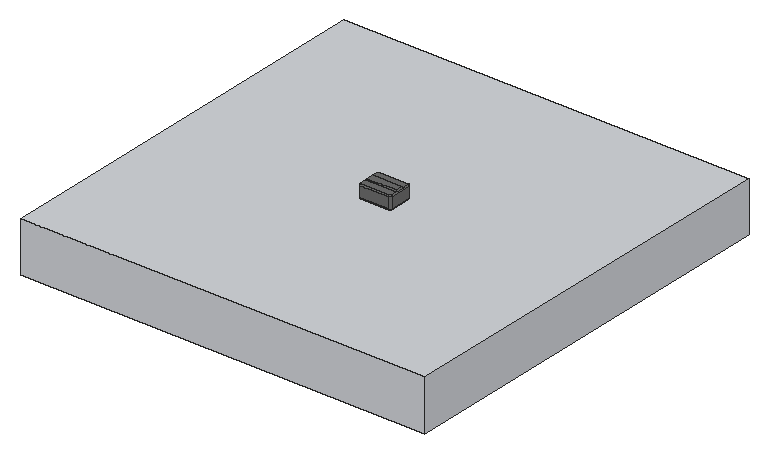
Revit family "Central digital para deteccion de gas_Aguilera Electronica", category Dispositivos de alarma de incendios, Revit 2019
Family settings
  Anfitrión = Cara
  Mantener orientación de anotación = Sí
  Cota de conector redondo = Diámetro de uso
  Tipo de pieza = Normal
  Número OmniClass = 23.85.30.21.11.17
  Título OmniClass = Other Components
  Corte con vacíos al cargar = No
  Compartido = No
  Punto de cálculo de habitación = No
Parameters (values of type "Central digital de 3 zonas para detección de gas con display")
  URL = "https://aguilera.es/?productos=central-digital-de-tres-zonas-para-deteccion-de-gas-con-display"
  Símbolo texto modelo = yes
  Símbolo = yes
  Modelo = "AE/GI-CTP25"
  Fondo = 86 mm  # constant formula
  Fabricante = "Aguilera Electrónica"  # constant formula
  Elevación por defecto = 1200 mm
  Descripción = "Central digital de gas para tres sensores 4-20mA catalíticos o pellistor de gas inflamable y/o monóxido de carbono como máximo. Montaje en pared. Dispone de display donde se muestra el porcentaje de la concentración del gas detectado en tiempo real para cada sensor.\r\nProvista de 3 relés de alarma configurables para distintas concentraciones del LEL para gases inflamables o ppm para CO y un relé de avería. Dispone de función de TEST y RESET. Entrada auxiliar para alarma manual o electroválvula con sensor magnético.\r\nAlimentación 230 Vca 10VA / 24Vcc 12W\r\nDimensiones: 202 x 153 x 86, IP65\r\nSensores admitidos:\r\nFamilia AE/GI-ST441 y AE/GI-ST193. Metano y/o GLP, rango de 0 ÷20% LEL\r\nFamilia AE/GI-TS282 y AE/GI-TS293 Catalítico gas inflamable, rango de 0 ÷20% LEL\r\nFamilia AE/GI-TS282 y AE/GI-TS293 Pellistor gas inflamable, rango de 0 ÷100% LEL\r\nDetectores AE/GI-TS282ECS y AE/GI-TS293ECS electroquímicos de CO, rango de 0 ÷300 ppm"
  Assembly Code = ""
  Type Comments = ""
  Ancho = 202 mm  # constant formula
  Alto = 153 mm  # constant formula
Types (2, lengths in mm): name | URL | Modelo | Descripción
  Central digital de 3 zonas para detección de gas con display | "https://aguilera.es/?productos=central-digital-de-tres-zonas-para-deteccion-de-gas-con-display" | "AE/GI-CTP25" | "Central digital de gas para tres sensores 4-20mA catalíticos o pellistor de gas inflamable y/o monóxido de carbono como máximo. Montaje en pared. Dispone de display donde se muestra el porcentaje de la concentración del gas detectado en tiempo real para cada sensor.\r\nProvista de 3 relés de alarma configurables para distintas concentraciones del LEL para gases inflamables o ppm para CO y un relé de avería. Dispone de función de TEST y RESET. Entrada auxiliar para alarma manual o electroválvula con sensor magnético.\r\nAlimentación 230 Vca 10VA / 24Vcc 12W\r\nDimensiones: 202 x 153 x 86, IP65\r\nSensores admitidos:\r\nFamilia AE/GI-ST441 y AE/GI-ST193. Metano y/o GLP, rango de 0 ÷20% LEL\r\nFamilia AE/GI-TS282 y AE/GI-TS293 Catalítico gas inflamable, rango de 0 ÷20% LEL\r\nFamilia AE/GI-TS282 y AE/GI-TS293 Pellistor gas inflamable, rango de 0 ÷100% LEL\r\nDetectores AE/GI-TS282ECS y AE/GI-TS293ECS electroquímicos de CO, rango de 0 ÷300 ppm"
  Central digital de 4 zonas para detección de gas con display | "https://aguilera.es/?productos=central-digital-de-cuatro-zonas-para-deteccion-de-gas-con-display" | "AE/GI-CTP24" | "Central digital de gas para cuatro sensores 4-20mA catalíticos o pellistor de gas inflamable como máximo. Montaje en pared. Dispone de display donde se muestra el porcentaje de la concentración del gas detectado en tiempo real para cada sensor.\r\nProvista de 2 relés de alarma configurables para 10-20% LEL y 20-30 % LEL respectivamente y un relé de avería. Dispone de función de TEST y RESET. Entrada auxiliar para alarma manual o electroválvula con sensor magnético.\r\nAlimentación 230 Vca 10VA / 24Vcc 12W\r\nDimensiones: 202 x 153 x 86, IP65\r\nSensores admitidos:\r\nFamilia AE/GI-ST441 y AE/GI-ST193. Metano y/o GLP, rango de 0 ÷20% LEL\r\nFamilia AE/GI-TS282 y AE/GI-TS293 Catalítico gas inflamable, rango de 0 ÷20% LEL\r\nFamilia AE/GI-TS282 y AE/GI-TS293 Pellistor gas inflamable, rango de 0 ÷100% LEL"
Reference planes
  plane 1 "Centro (Frontal/Posterior)": y = 0
  plane 2: z = 0
  plane 3 "Centro (Izquierda/Derecha)": x = 0
  plane 4: y = 76.5
  plane 5: y = -76.5
  plane 6: x = -101
  plane 7: x = 101
  plane 8: z = 86
  plane 9: z = 83
  plane 10: x = -121
  plane 11: x = 92.5
  plane 12: z = 80
Forms (mm)
  Extrusion 1, solid
    sketch origin (0, 0, 0) x (1, 0, 0) y (0, 1, 0)
      loop
        line (-1219.2, 1219.2) -> (-1219.2, -1219.2) -> (1219.2, -1219.2) -> (1219.2, 1219.2) -> (-1219.2, 1219.2)
    from 0 to -304.8
  Extrusion 2, solid, material "ABS Gris"
    sketch origin (0, 0, 0) x (1, 0, 0) y (0, 1, 0)
      loop
        line (-86, 76.5) -> (-101, 61.5) -> (-101, -61.5) -> (-86, -76.5) -> (86, -76.5) -> (101, -61.5) -> (101, 61.5) -> (86, 76.5) -> (-86, 76.5)
    from 0 to 80
  Blend 3, solid, material "ABS Gris", detail levels fine
    base sketch origin (0, 0, 0) x (1, 0, 0) y (0, 1, 0)
      loop
        line (-101, 27.91) -> (-101, -22.666) -> (101, -22.666) -> (101, 27.91) -> (-101, 27.91)
    top sketch origin (0, 0, 0) x (1, 0, 0) y (0, 1, 0)
      loop
        line (96, 22.91) -> (-96, 22.91) -> (-96, -17.666) -> (96, -17.666) -> (96, 22.91)
    from 80 to 86
  Sweep 4, void
    path origin (0, 0, 0) x (1, 0, 0) y (0, 1, 0)
      loop
        line (0, -76.5) -> (86, -76.5) -> (101, -61.5) -> (101, 61.5) -> (86, 76.5) -> (-86, 76.5) -> (-101, 61.5) -> (-101, -61.5) -> (-86, -76.5) -> (0, -76.5)
    profile origin (-43, -76.5, 0) x (0, -1, 0) y (0, 0, 1)
      loop
        line (0, 6) -> (-6, 0) -> (12.442, 0) -> (12.442, 86) -> (-12, 86) -> (0, 74) -> (0, 6)
Cuts and joins
  Sweep 4 cuts Extrusion 2
  Sweep 4 cuts Blend 3
Dimensions and locks
  equal spacing: plane 5, plane 1 "Centro (Frontal/Posterior)", plane 4
  "Alto": plane 5 to plane 4
  equal spacing: plane 6, plane 3 "Centro (Izquierda/Derecha)", plane 7
  "Ancho": plane 6 to plane 7
  "Fondo": plane 8 to plane 2
  locked: plane 8 to plane 12 at 6
  locked: plane 8 to plane 9 at 3
  aligned and locked: plane 2 to Extrusion 1
  aligned and locked: level to Extrusion 1
  aligned and locked: Extrusion 2 to level
  aligned and locked: plane 12 to Extrusion 2
  aligned and locked: Extrusion 2 to plane 7
  aligned and locked: plane 4 to Extrusion 2
  aligned and locked: plane 5 to Extrusion 2
  aligned and locked: plane 6 to Extrusion 2 sketch curve
  aligned and locked: Blend 3 to Extrusion 2
  aligned and locked: plane 8 to Blend 3
  aligned and locked: Sweep 4 sketch curve to plane 8
Automatic sketch dimensions
  Extrusion 1 sketch curve to Extrusion 1 sketch curve = 2438.4 mm  (x2)
  Extrusion 2 sketch curve to plane 4 = 0 mm
  plane 5 to Extrusion 2 sketch curve = 0 mm
  Extrusion 2 sketch curve to plane 7 = 0 mm
  plane 6 to Extrusion 2 sketch curve = 15 mm  (x2)
  plane 11 to Extrusion 2 sketch curve = 6.5 mm  (x2)
  Extrusion 2 sketch curve to plane 5 = 15 mm  (x2)
  Extrusion 2 sketch curve to plane 4 = 15 mm  (x2)
  Blend 3 sketch curve to plane 6 = 0 mm
  Blend 3 sketch curve to plane 7 = 0 mm
  plane 1 "Centro (Frontal/Posterior)" to Blend 3 sketch curve = 22.666 mm
  Blend 3 sketch curve to plane 1 "Centro (Frontal/Posterior)" = 27.91 mm
  plane 6 to Blend 3 sketch curve = 5 mm
  Blend 3 sketch curve to plane 1 "Centro (Frontal/Posterior)" = 22.91 mm
  plane 1 "Centro (Frontal/Posterior)" to Blend 3 sketch curve = 17.666 mm
  Blend 3 sketch curve to plane 11 = 3.5 mm
  Sweep 4 sketch curve to plane 6 = 0 mm
  Sweep 4 sketch curve to plane 4 = 0 mm
  Sweep 4 sketch curve to plane 3 "Centro (Izquierda/Derecha)" = 0 mm
  plane 5 to Sweep 4 sketch curve = 0 mm
  Sweep 4 sketch curve to plane 7 = 0 mm
  plane 6 to Sweep 4 sketch curve = 15 mm  (x2)
  plane 11 to Sweep 4 sketch curve = 6.5 mm  (x2)
  Sweep 4 sketch curve to plane 5 = 15 mm  (x2)
  Sweep 4 sketch curve to plane 4 = 15 mm  (x2)
  Sweep 4 sketch curve to level = 0 mm
  Sweep 4 sketch curve to profile plane = 0 mm
  profile plane to Sweep 4 sketch curve = 6 mm
  profile plane to Sweep 4 sketch curve = 12 mm
  Sweep 4 sketch curve to profile plane = 12.442 mm
  level to Sweep 4 sketch curve = 6 mm
  Sweep 4 sketch curve to Sweep 4 sketch curve = 12 mm
Nested families
  nested 1: "S_Central digital detección de gas_Aguilera Electronica" at (9.467, 0, 0), type "S_Central digital detección de gas_Aguilera Electronica"
Connectors
  electrical at (0, 0, 0), driven by "Modelo"
    settings: on cut or joined group of Extrusion 2, Sweep 4, index 1, voltage 0 V, apparent load 0 VA, apparent load phase1 0 VA, apparent load phase2 0 VA, apparent load phase3 0 VA, power factor 1, load classification "Otro", number of poles 1, system type 11, power factor state 1, is connector primary yes, connector utility no, sub classification motor no, connector description "AE/GI-CTP25"
Definition of nested family "S_Central digital detección de gas_Aguilera Electronica"
  Parameters (values of type "S_Central de 1 a 4 zonas para el ánalisis y control de monóxido_Aguilera Electronica")
    Texto símbolo = "Central CO"
    Texto modelo = yes
    Modelo = "Central CO"
  Reference planes
    plane 1: y = 0
    plane 2: x = 0
  Lines and regions (mm)
    detail lines
      curve 1: line (-7.685, -8.565, 0) -> (7.685, -8.565, 0)
      curve 2: line (-7.685, 8.565, 0) -> (-7.685, -8.565, 0)
      curve 3: line (7.685, 8.565, 0) -> (-7.685, 8.565, 0)
      curve 4: line (7.685, -8.565, 0) -> (7.685, 8.565, 0)
      curve 5: line (990, 5, 0) -> (990, -5, 0)
  Text (mm)
    label "Texto símbolo" at (-0.164, 2.565, 0), shows "Texto símbolo"
    label "Modelo" at (-0.164, -4.156, 0), shows "Modelo", visible <- "Texto modelo"
